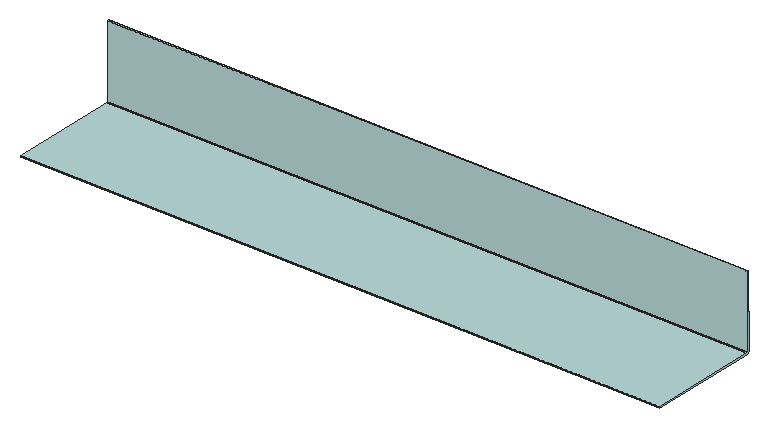
Revit family "Haworth_BeHold_Accessory_BagLiner", category Furniture Systems, Revit 2018
Family settings
  Round Connector Dimension = Use Diameter
  Part Type = Normal
  OmniClass Number = 23.40.70.14.64.21
  OmniClass Title = Systems Furniture
  Work Plane-Based = No
  Always vertical = Yes
  Cut with Voids When Loaded = No
  Shared = No
  Room Calculation Point = No
Parameters (values of type "36w")
  Width = 36"
  Warranty = "http://www.haworth.com/resources/product-info/warranties"
  URL - Product = "http://www.haworth.com/na/en/products/active-storage/be-hold.html"
  URL = "http://www.haworth.com"
  Trim Finish = Haworth _ Paint _ Sky Blue
  Sustainability Info = "https://www.haworth.com/company-info/sustainability"
  Size = "Verify Final Dim. w/ Haworth"  # constant formula
  Side Offset = 13/16"
  Revision Number = "1"  # constant formula
  Model = "Haworth Be_Hold"  # constant formula
  Min. Width = 30"  # constant formula
  Min. Depth = 6"  # constant formula
  Max. Width = 36"  # constant formula
  Max. Depth = 6"  # constant formula
  Manufacturer = "Haworth"  # constant formula
  Description = "Haworth - Be_Hold - Accessory - Bag Liner"  # constant formula
  Custom Size = not(or(Width = 30", Width = 32", Width = 36"))  # no
  Author = "Haworth (Alias)"  # constant formula
  Assembly Code = "E2020200"
  Actual Width = if(Width < Min. Width, Min. Width, if(Width > Max. Width, Max. Width, Width))  # 36"
  Actual Height = 4"  # constant formula
  Standard Widths = "30, 32, 36 in."  # constant formula
  Actual Depth = 6"  # constant formula
Types (3): name | Width | URL - Product | URL | Actual Width
  30w | 30" | "" | "www.haworth.com" | 30"
  36w | 36" | "http://www.haworth.com/na/en/products/active-storage/be-hold.html" | "http://www.haworth.com" | 36"
  32w | 32" | "" | "www.haworth.com" | 32"
Reference planes (in)
  plane 1: z = 0
  plane 2 "Center L/R": x = -6.17556
  plane 3 "Center F/B": y = -23.5
  plane 4 "Back": y = -20.5
  plane 5 "Front": y = -26.5
  plane 6 "Right": x = 11.82444
  plane 7 "Left": x = -24.17556
  plane 8 "Top": z = 4
  plane 9: x = -23.36306
  plane 10: x = 11.01194
Forms (in)
  Sweep 1, solid, material "Haworth _ Paint _ Sky Blue" <- "Trim Finish"
    path origin (0, 0, 0) x (1, 0, 0) y (0, 1, 0)
      loop
        line (11.01194, -23.5) -> (-23.36306, -23.5)
    profile origin (-6.17556, -23.5, 0) x (0, -1, 0) y (0, 0, 1)
      loop
        arc (-2.90186, 0.06) -> (-2.92885, 0.07118) -> (-2.94003, 0.09817) r 0.03817
        line (-2.94003, 0.09817) -> (-2.94003, 4) -> (-3, 4) -> (-3, 0.09867)
        arc (-3, 0.09867) -> (-2.9711, 0.0289) -> (-2.90133, 0) r 0.09867
        line (-2.90133, 0) -> (2.93802, 0) -> (2.93802, 0.06) -> (-2.90186, 0.06)
Lines and regions (in)
  Masking region 1
    outline origin (0, 0, 0) x (1, 0, 0) y (0, 1, 0)
      loop
        line (-23.36306, -20.5) -> (-23.36306, -26.43802) -> (11.01194, -26.43802) -> (11.01194, -20.5) -> (-23.36306, -20.5)
Dimensions and locks (in)
  equal spacing: plane 7 "Left", plane 2 "Center L/R", plane 6 "Right"
  "Actual Width": plane 7 "Left" to plane 6 "Right"
  equal spacing: plane 4 "Back", plane 3 "Center F/B", plane 5 "Front"
  "Actual Depth": plane 4 "Back" to plane 5 "Front"
  locked: Sweep 1 sketch curve to plane 4 "Back" at 0.05997
  locked: Masking region 1 sketch curve to plane 5 "Front" at 0.06198
  "Actual Height": plane 8 "Top" to plane 1
  locked: plane 5 "Front" to Sweep 1 sketch curve at 0.06198
  "Side Offset": plane 9 to plane 7 "Left"
  "Side Offset": plane 10 to plane 6 "Right"
  aligned and locked: Sweep 1 sketch curve to plane 3 "Center F/B"
  aligned and locked: Sweep 1 sketch curve to plane 1
  aligned and locked: plane 4 "Back" to Sweep 1 sketch curve
  aligned and locked: Masking region 1 sketch curve to plane 4 "Back"
  aligned and locked: plane 8 "Top" to Sweep 1 sketch curve
  aligned and locked: plane 9 to Masking region 1 sketch curve
  aligned and locked: plane 10 to Masking region 1 sketch curve
  aligned and locked: plane 10 to Sweep 1 sketch curve
  aligned and locked: plane 9 to Sweep 1 sketch curve
Automatic sketch dimensions
  Sweep 1 sketch curve to Sweep 1 sketch curve = 0.03817"
  Sweep 1 sketch curve to Sweep 1 sketch curve = 0.00053"
  Sweep 1 sketch curve to Sweep 1 sketch curve = 0.03867"
